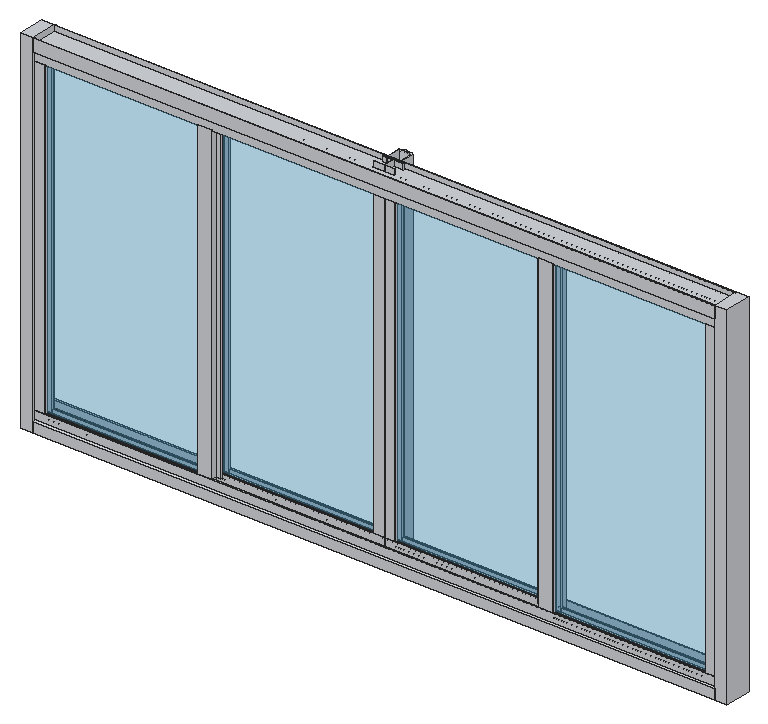
Revit family "MT-VMS_DB-SG_OXXO", category Windows, host Wall, Revit 2017 (continued)
Definition of nested family "VMS_DB-SG_OXXO_76mm"
  Definition of nested family "VMS_DB-SG_GLAZED PANEL"
    Definition of nested family "VMS_VM66_SILL DETAIL_FINE"
      Lines and regions (mm)
        model lines, in view "Ref. Level"
          curve 80: line (10.448, 2.1, 0) -> (11.648, 2.1, 0)
          curve 81: line (11.948, 2.4, 0) -> (11.948, 2.776, 0)
          curve 82: line (11.948, 2.776, 0) -> (14.948, 2.776, 0)
          curve 83: line (14.948, 2.776, 0) -> (14.948, 2.4, 0)
          curve 84: line (15.248, 2.1, 0) -> (16.448, 2.1, 0)
          curve 85: line (16.448, 2.1, 0) -> (16.448, 0.8, 0)
          curve 86: line (16.448, 0.8, 0) -> (15.348, 0.8, 0)
          curve 87: line (15.348, 0, 0) -> (19.208, 0, 0)
          curve 88: line (19.508, 0.3, 0) -> (19.508, 0.9, 0)
          curve 89: line (19.208, 1.2, 0) -> (17.808, 1.2, 0)
          curve 90: line (17.508, 1.5, 0) -> (17.508, 3, 0)
          curve 91: line (17.208, 3.3, 0) -> (16.724, 3.3, 0)
          curve 92: line (16.424, 3.6, 0) -> (16.424, 4.7, 0)
          curve 93: line (16.724, 5, 0) -> (23.3, 5, 0)
          curve 94: line (23.6, 4.7, 0) -> (23.6, 0.3, 0)
          curve 95: line (23.9, 0, 0) -> (26.4, 0, 0)
          curve 96: line (26.9, 0.5, 0) -> (26.9, 2.1, 0)
          curve 97: line (26.1, 2.1, 0) -> (26.1, 1.2, 0)
          curve 98: line (26.1, 1.2, 0) -> (24.8, 1.2, 0)
          curve 99: line (24.8, 1.2, 0) -> (24.8, 6.8, 0)
          curve 100: line (24.8, 6.8, 0) -> (26.1, 6.8, 0)
          curve 101: line (26.1, 6.8, 0) -> (26.1, 5.9, 0)
          curve 102: line (26.9, 5.9, 0) -> (26.9, 13.679, 0)
          curve 103: line (26.9, 25.735, 0) -> (26.9, 27.112, 0)
          curve 104: line (26.1, 27.912, 0) -> (24.161, 27.912, 0)
          curve 105: line (23.779, 27.632, 0) -> (23.477, 26.672, 0)
          curve 106: line (23.667, 26.412, 0) -> (24.011, 26.412, 0)
          curve 107: line (24.169, 26.09, 0) -> (23.509, 25.234, 0)
          curve 108: line (23.667, 24.912, 0) -> (24.011, 24.912, 0)
          curve 109: line (24.169, 24.59, 0) -> (23.509, 23.734, 0)
          curve 110: line (23.667, 23.412, 0) -> (24.011, 23.412, 0)
          curve 111: line (24.169, 23.09, 0) -> (23.509, 22.234, 0)
          curve 112: line (23.667, 21.912, 0) -> (23.924, 21.912, 0)
          curve 113: line (24.831, 13.912, 0) -> (14.116, 13.912, 0)
          curve 114: line (13.833, 13.795, 0) -> (13.45, 13.412, 0)
          curve 115: line (13.45, 13.412, 0) -> (13.067, 13.795, 0)
          curve 116: line (12.784, 13.912, 0) -> (2.069, 13.912, 0)
          curve 117: line (2.976, 21.912, 0) -> (3.233, 21.912, 0)
          curve 118: line (3.391, 22.234, 0) -> (2.731, 23.09, 0)
          curve 119: line (2.889, 23.412, 0) -> (3.233, 23.412, 0)
          curve 120: line (3.391, 23.734, 0) -> (2.731, 24.59, 0)
          curve 121: line (2.889, 24.912, 0) -> (3.233, 24.912, 0)
          curve 122: line (3.391, 25.234, 0) -> (2.731, 26.09, 0)
          curve 123: line (2.889, 26.412, 0) -> (3.233, 26.412, 0)
          curve 124: line (3.423, 26.672, 0) -> (3.121, 27.632, 0)
          curve 125: line (2.739, 27.912, 0) -> (0.8, 27.912, 0)
          curve 126: line (0, 27.112, 0) -> (0, 25.735, 0)
          curve 127: line (0, 13.679, 0) -> (0, 5.9, 0)
          curve 128: line (0.8, 5.9, 0) -> (0.8, 6.8, 0)
          curve 129: line (0.8, 6.8, 0) -> (2.1, 6.8, 0)
          curve 130: line (2.1, 6.8, 0) -> (2.1, 1.2, 0)
          curve 131: line (2.1, 1.2, 0) -> (0.8, 1.2, 0)
          curve 132: line (0.8, 1.2, 0) -> (0.8, 2.1, 0)
          curve 133: line (0, 2.1, 0) -> (0, 0.5, 0)
          curve 134: line (0.5, 0, 0) -> (3, 0, 0)
          curve 135: line (3.3, 0.3, 0) -> (3.3, 4.7, 0)
          curve 136: line (3.6, 5, 0) -> (10.176, 5, 0)
          curve 137: line (10.476, 4.7, 0) -> (10.476, 3.6, 0)
          curve 138: line (10.176, 3.3, 0) -> (9.692, 3.3, 0)
          curve 139: line (9.392, 3, 0) -> (9.392, 1.5, 0)
          curve 140: line (9.092, 1.2, 0) -> (7.692, 1.2, 0)
          curve 141: line (7.392, 0.9, 0) -> (7.392, 0.3, 0)
          curve 142: line (7.692, 0, 0) -> (11.548, 0, 0)
          curve 143: line (13.065, 4.124, 0) -> (12.513, 3.976, 0)
          curve 144: line (12.513, 3.976, 0) -> (12.365, 4.529, 0)
          curve 145: line (11.996, 5.14, 0) -> (11.576, 5.6, 0)
          curve 146: line (11.576, 5.6, 0) -> (11.996, 6.06, 0)
          curve 147: line (11.992, 7.426, 0) -> (11.154, 7.426, 0)
          curve 148: line (10.261, 6.2, 0) -> (3.6, 6.2, 0)
          curve 149: line (3.3, 6.5, 0) -> (3.3, 8, 0)
          curve 150: line (3.1, 8.2, 0) -> (1.4, 8.2, 0)
          curve 151: line (1.2, 8.4, 0) -> (1.2, 12.312, 0)
          curve 152: line (1.4, 12.512, 0) -> (25.5, 12.512, 0)
          curve 153: line (25.7, 12.312, 0) -> (25.7, 8.4, 0)
          curve 154: line (25.5, 8.2, 0) -> (23.8, 8.2, 0)
          curve 155: line (23.6, 8, 0) -> (23.6, 6.5, 0)
          curve 156: line (23.3, 6.2, 0) -> (16.639, 6.2, 0)
          curve 157: line (15.746, 7.426, 0) -> (14.908, 7.426, 0)
          curve 158: line (14.904, 6.06, 0) -> (15.324, 5.6, 0)
          curve 159: line (15.324, 5.6, 0) -> (14.904, 5.14, 0)
          curve 160: line (14.535, 4.529, 0) -> (14.387, 3.976, 0)
          curve 161: line (14.387, 3.976, 0) -> (13.835, 4.124, 0)
    Definition of nested family "VMS_VM66_SILL DETAIL_MEDIUM"
      Reference planes
        plane 1 "Center (Front/Back)": y = 0
        plane 2: z = 0
        plane 3 "Center (Left/Right)": x = 0
      Lines and regions (mm)
        model lines, in view "Ref. Level"
          curve 1: line (1.2, 5, 0) -> (25.7, 5, 0)
          curve 2: line (0, 0, 0) -> (26.9, 0, 0)
          curve 3: line (25.7, 1.2, 0) -> (1.2, 1.2, 0)
          curve 4: line (26.9, 0, 0) -> (26.9, 27.912, 0)
          curve 5: line (26.9, 27.912, 0) -> (25.7, 27.912, 0)
          curve 6: line (25.7, 13.912, 0) -> (1.2, 13.912, 0)
          curve 7: line (1.2, 27.912, 0) -> (0, 27.912, 0)
          curve 8: line (0, 27.112, 0) -> (0, 25.735, 0)
          curve 9: line (0, 27.912, 0) -> (0, 0, 0)
          curve 10: line (1.2, 1.2, 0) -> (1.2, 5, 0)
          curve 11: line (1.2, 12.512, 0) -> (25.7, 12.512, 0)
          curve 12: line (25.7, 27.912, 0) -> (25.7, 13.912, 0)
          curve 13: line (25.7, 6.2, 0) -> (1.2, 6.2, 0)
          curve 14: line (1.2, 13.912, 0) -> (1.2, 27.912, 0)
          curve 15: line (25.7, 12.512, 0) -> (25.7, 6.2, 0)
          curve 16: line (25.7, 5, 0) -> (25.7, 1.2, 0)
          curve 17: line (1.2, 6.2, 0) -> (1.2, 12.512, 0)
  Definition of nested family "VMS_VM11_SILL DETAIL_FINE"
    Reference planes
      plane 1 "Center (Front/Back)": y = 0
      plane 2: z = 0
      plane 3 "Center (Left/Right)": x = 0
    Lines and regions (mm)
      model lines, in view "Ref. Level"
        curve 1: arc (-6.776, -5.512, 0) -> (-6.841, -5.609, 0) -> (-6.864, -5.724, 0) r 0.3
        curve 2: arc (-5.466, -8.225, 0) -> (-5.192, -8.5, 0) -> (-4.817, -8.6, 0) r 0.75
        curve 3: arc (-4.817, -8.6, 0) -> (-4.167, -8.225, 0) -> (-4.167, -7.475, 0) r 0.75
        curve 4: arc (-4.864, -2.2, 0) -> (-4.571, -1.493, 0) -> (-3.864, -1.2, 0) r 1
        curve 5: arc (5.464, -1.2, 0) -> (6.171, -1.493, 0) -> (6.464, -2.2, 0) r 1
        curve 6: arc (5.767, -7.475, 0) -> (5.767, -8.225, 0) -> (6.417, -8.6, 0) r 0.75
        curve 7: arc (6.417, -8.6, 0) -> (6.792, -8.5, 0) -> (7.066, -8.225, 0) r 0.75
        curve 8: arc (8.464, -5.724, 0) -> (8.441, -5.609, 0) -> (8.376, -5.512, 0) r 0.3
        curve 9: arc (8.864, -2.1, 0) -> (8.951, -2.312, 0) -> (9.164, -2.4, 0) r 0.3
        curve 10: arc (9.55, -2.4, 0) -> (9.904, -2.254, 0) -> (10.05, -1.9, 0) r 0.5
        curve 11: arc (33.2, 0, 0) -> (33.412, 0.088, 0) -> (33.5, 0.3, 0) r 0.3
        curve 12: arc (33.5, 29.412, 0) -> (33.412, 29.624, 0) -> (33.2, 29.712, 0) r 0.3
        curve 13: arc (31.8, 29.712, 0) -> (31.588, 29.624, 0) -> (31.5, 29.412, 0) r 0.3
        curve 14: arc (31.5, 2.1, 0) -> (31.412, 1.888, 0) -> (31.2, 1.8, 0) r 0.3
        curve 15: arc (8.85, 1.8, 0) -> (8.638, 1.712, 0) -> (8.55, 1.5, 0) r 0.3
        curve 16: arc (8.55, 0.3, 0) -> (8.462, 0.088, 0) -> (8.25, 0, 0) r 0.3
        curve 17: arc (1.9, 0, 0) -> (1.688, 0.088, 0) -> (1.6, 0.3, 0) r 0.3
        curve 18: arc (1.6, 29.412, 0) -> (1.512, 29.624, 0) -> (1.3, 29.712, 0) r 0.3
        curve 19: arc (0.3, 29.712, 0) -> (0.088, 29.624, 0) -> (0, 29.412, 0) r 0.3
        curve 20: arc (0, 0.3, 0) -> (-0.088, 0.088, 0) -> (-0.3, 0, 0) r 0.3
        curve 21: arc (-8.15, 0, 0) -> (-8.362, -0.088, 0) -> (-8.45, -0.3, 0) r 0.3
        curve 22: arc (-8.45, -1.9, 0) -> (-8.304, -2.254, 0) -> (-7.95, -2.4, 0) r 0.5
        curve 23: arc (-7.564, -2.4, 0) -> (-7.351, -2.312, 0) -> (-7.264, -2.1, 0) r 0.3
        curve 24: line (-7.264, -2.1, 0) -> (-7.264, -1.5, 0)
        curve 25: line (-7.264, -1.5, 0) -> (-6.364, -1.5, 0)
        curve 26: line (-6.364, -1.5, 0) -> (-6.364, -5.1, 0)
        curve 27: line (-6.364, -5.1, 0) -> (-6.776, -5.512, 0)
        curve 28: line (-6.823, -5.874, 0) -> (-5.466, -8.225, 0)
        curve 29: line (-4.167, -7.475, 0) -> (-4.864, -6.269, 0)
        curve 30: line (-4.864, -6.269, 0) -> (-4.864, -2.2, 0)
        curve 31: line (-3.864, -1.2, 0) -> (5.464, -1.2, 0)
        curve 32: line (6.464, -2.2, 0) -> (6.464, -6.269, 0)
        curve 33: line (6.464, -6.269, 0) -> (5.767, -7.475, 0)
        curve 34: line (7.066, -8.225, 0) -> (8.423, -5.874, 0)
        curve 35: line (8.376, -5.512, 0) -> (7.964, -5.1, 0)
        curve 36: line (7.964, -5.1, 0) -> (7.964, -1.2, 0)
        curve 37: line (7.964, -1.2, 0) -> (8.864, -1.2, 0)
        curve 38: line (8.864, -1.2, 0) -> (8.864, -2.1, 0)
        curve 39: line (9.164, -2.4, 0) -> (9.55, -2.4, 0)
        curve 40: line (10.05, -1.9, 0) -> (10.05, 0, 0)
        curve 41: line (10.05, 0, 0) -> (33.2, 0, 0)
        curve 42: line (33.5, 0.3, 0) -> (33.5, 29.412, 0)
        curve 43: line (33.2, 29.712, 0) -> (31.8, 29.712, 0)
        curve 44: line (31.5, 29.412, 0) -> (31.5, 2.1, 0)
        curve 45: line (31.2, 1.8, 0) -> (8.85, 1.8, 0)
        curve 46: line (8.55, 1.5, 0) -> (8.55, 0.3, 0)
        curve 47: line (8.25, 0, 0) -> (1.9, 0, 0)
        curve 48: line (1.6, 0.3, 0) -> (1.6, 29.412, 0)
        curve 49: line (1.3, 29.712, 0) -> (0.3, 29.712, 0)
        curve 50: line (0, 29.412, 0) -> (0, 0.3, 0)
        curve 51: line (-0.3, 0, 0) -> (-8.15, 0, 0)
        curve 52: line (-8.45, -0.3, 0) -> (-8.45, -1.9, 0)
        curve 53: line (-7.95, -2.4, 0) -> (-7.564, -2.4, 0)
  Definition of nested family "MAIN FRAME 76MM_MEDIUM"
    Reference planes
      plane 1 "Center (Front/Back)": y = 0
      plane 2: z = 0
      plane 3 "Center (Left/Right)": x = 0
    Lines and regions (mm)
      detail lines, in view "Ref. Level"
        curve 1: line (0, 0, 0) -> (35, 0, 0)
        curve 2: line (35, 0, 0) -> (35, -76, 0)
        curve 3: line (35, -76, 0) -> (0, -76, 0)
        curve 4: line (0, 0, 0) -> (0, -1.8, 0)
        curve 5: line (0, -1.8, 0) -> (33.2, -1.8, 0)
        curve 6: line (33.2, -74.2, 0) -> (33.2, -1.8, 0)
        curve 7: line (0, -74.2, 0) -> (33.2, -74.2, 0)
        curve 8: line (0, -74.2, 0) -> (0, -76, 0)
  Definition of nested family "AS1C CAVITY MAIN FRAME"
    Reference planes
      plane 1 "Center (Front/Back)": y = 0
      plane 2: z = 0
      plane 3 "Center (Left/Right)": x = 0
    Lines and regions (mm)
      detail lines, in view "Ref. Level"
        curve 1: arc (-35, -73.2, 0) -> (-34.922, -73.041, 0) -> (-34.748, -73.007, 0) r 0.2
        curve 2: arc (-33.3, -70.8, 0) -> (-32.55, -70.05, 0) -> (-31.8, -70.8, 0) r 0.75
        curve 3: arc (-1.5, -66.578, 0) -> (-1.654, -66.316, 0) -> (-1.957, -66.322, 0) r 0.3
        curve 4: arc (-1.957, -66.322, 0) -> (-4.423, -66.877, 0) -> (-6.71, -65.804, 0) r 3.9
        curve 5: arc (-6.71, -65.804, 0) -> (-6.731, -64.567, 0) -> (-5.494, -64.546, 0) r 0.875
        curve 6: arc (-5.494, -64.546, 0) -> (-3.836, -65.144, 0) -> (-2.288, -64.3, 0) r 2.15
        curve 7: arc (-2.288, -61.7, 0) -> (-3.836, -60.856, 0) -> (-5.494, -61.454, 0) r 2.15
        curve 8: arc (-5.494, -61.454, 0) -> (-6.731, -61.433, 0) -> (-6.71, -60.196, 0) r 0.875
        curve 9: arc (-6.71, -60.196, 0) -> (-4.423, -59.123, 0) -> (-1.957, -59.678, 0) r 3.9
        curve 10: arc (-1.957, -59.678, 0) -> (-1.654, -59.684, 0) -> (-1.5, -59.422, 0) r 0.3
        curve 11: arc (-1.5, -53.73, 0) -> (-1.851, -52.695, 0) -> (-2.76, -52.088, 0) r 1.7
        curve 12: arc (-18.84, -47.78, 0) -> (-19.749, -47.172, 0) -> (-20.1, -46.138, 0) r 1.7
        curve 13: arc (-20.1, -29.862, 0) -> (-19.749, -28.827, 0) -> (-18.84, -28.22, 0) r 1.7
        curve 14: arc (-2.76, -23.912, 0) -> (-1.851, -23.304, 0) -> (-1.5, -22.27, 0) r 1.7
        curve 15: arc (-1.5, -16.578, 0) -> (-1.654, -16.316, 0) -> (-1.957, -16.322, 0) r 0.3
        curve 16: arc (-1.957, -16.322, 0) -> (-4.423, -16.877, 0) -> (-6.71, -15.804, 0) r 3.9
        curve 17: arc (-6.71, -15.804, 0) -> (-6.731, -14.567, 0) -> (-5.494, -14.546, 0) r 0.875
        curve 18: arc (-5.494, -14.546, 0) -> (-3.836, -15.144, 0) -> (-2.288, -14.3, 0) r 2.15
        curve 19: arc (-2.288, -11.7, 0) -> (-3.836, -10.856, 0) -> (-5.494, -11.454, 0) r 2.15
        curve 20: arc (-5.494, -11.454, 0) -> (-6.731, -11.433, 0) -> (-6.71, -10.196, 0) r 0.875
        curve 21: arc (-6.71, -10.196, 0) -> (-4.423, -9.123, 0) -> (-1.957, -9.678, 0) r 3.9
        curve 22: arc (-1.957, -9.678, 0) -> (-1.654, -9.684, 0) -> (-1.5, -9.422, 0) r 0.3
        curve 23: arc (-31.8, -5.2, 0) -> (-32.55, -5.95, 0) -> (-33.3, -5.2, 0) r 0.75
        curve 24: arc (-34.748, -2.993, 0) -> (-34.922, -2.959, 0) -> (-35, -2.8, 0) r 0.2
        curve 25: arc (-35, -0.4, 0) -> (-34.883, -0.117, 0) -> (-34.6, 0, 0) r 0.4
        curve 26: arc (-0.4, 0, 0) -> (-0.117, -0.117, 0) -> (0, -0.4, 0) r 0.4
        curve 27: arc (0, -28.2, 0) -> (-0.117, -28.483, 0) -> (-0.4, -28.6, 0) r 0.4
        curve 28: arc (-2.4, -29.868, 0) -> (-2.483, -30.111, 0) -> (-2.696, -30.254, 0) r 0.4
        curve 29: arc (-4.496, -30.736, 0) -> (-4.895, -30.62, 0) -> (-4.976, -30.213, 0) r 0.4
        curve 30: arc (-3.605, -26.446, 0) -> (-3.686, -26.039, 0) -> (-4.084, -25.923, 0) r 0.4
        curve 31: arc (-10.184, -27.557, 0) -> (-10.372, -27.709, 0) -> (-10.388, -27.95, 0) r 0.3
        curve 32: arc (-9.417, -30.619, 0) -> (-9.417, -30.755, 0) -> (-9.504, -30.86, 0) r 0.2
        curve 33: arc (-9.7, -30.973, 0) -> (-9.9, -30.973, 0) -> (-10, -30.8, 0) r 0.2
        curve 34: arc (-10, -30.747, 0) -> (-10.059, -30.606, 0) -> (-10.2, -30.547, 0) r 0.2
        curve 35: arc (-11.438, -30.547, 0) -> (-11.528, -30.526, 0) -> (-11.599, -30.466, 0) r 0.2
        curve 36: arc (-11.599, -30.466, 0) -> (-11.806, -30.087, 0) -> (-11.9, -29.664, 0) r 1.549
        curve 37: arc (-11.9, -28.408, 0) -> (-12.017, -28.17, 0) -> (-12.278, -28.118, 0) r 0.3
        curve 38: arc (-12.278, -47.882, 0) -> (-12.017, -47.83, 0) -> (-11.9, -47.592, 0) r 0.3
        curve 39: arc (-11.9, -46.336, 0) -> (-11.806, -45.913, 0) -> (-11.599, -45.533, 0) r 1.549
        curve 40: arc (-11.599, -45.533, 0) -> (-11.528, -45.474, 0) -> (-11.438, -45.453, 0) r 0.2
        curve 41: arc (-10.2, -45.453, 0) -> (-10.059, -45.394, 0) -> (-10, -45.253, 0) r 0.2
        curve 42: arc (-10, -45.2, 0) -> (-9.9, -45.027, 0) -> (-9.7, -45.027, 0) r 0.2
        curve 43: arc (-9.504, -45.14, 0) -> (-9.417, -45.244, 0) -> (-9.417, -45.381, 0) r 0.2
        curve 44: arc (-10.388, -48.05, 0) -> (-10.372, -48.291, 0) -> (-10.184, -48.443, 0) r 0.3
        curve 45: arc (-4.084, -50.077, 0) -> (-3.686, -49.961, 0) -> (-3.605, -49.554, 0) r 0.4
        curve 46: arc (-4.976, -45.787, 0) -> (-4.895, -45.38, 0) -> (-4.496, -45.264, 0) r 0.4
        curve 47: arc (-2.696, -45.746, 0) -> (-2.483, -45.889, 0) -> (-2.4, -46.132, 0) r 0.4
        curve 48: arc (-0.4, -47.4, 0) -> (-0.117, -47.517, 0) -> (0, -47.8, 0) r 0.4
        curve 49: arc (0, -75.6, 0) -> (-0.117, -75.883, 0) -> (-0.4, -76, 0) r 0.4
        curve 50: arc (-34.6, -76, 0) -> (-34.883, -75.883, 0) -> (-35, -75.6, 0) r 0.4
        curve 51: line (-34.748, -73.007, 0) -> (-33.3, -73.395, 0)
        curve 52: line (-33.3, -73.395, 0) -> (-33.3, -70.8, 0)
        curve 53: line (-31.8, -70.8, 0) -> (-31.8, -74.5, 0)
        curve 54: line (-31.8, -74.5, 0) -> (-1.5, -74.5, 0)
        curve 55: line (-1.5, -74.5, 0) -> (-1.5, -66.578, 0)
        curve 56: line (-2.288, -64.3, 0) -> (-1.5, -64.3, 0)
        curve 57: line (-1.5, -64.3, 0) -> (-1.5, -63, 0)
        curve 58: line (-1.5, -63, 0) -> (-1.5, -61.7, 0)
        curve 59: line (-1.5, -61.7, 0) -> (-2.288, -61.7, 0)
        curve 60: line (-1.5, -59.422, 0) -> (-1.5, -53.73, 0)
        curve 61: line (-2.76, -52.088, 0) -> (-18.84, -47.78, 0)
        curve 62: line (-20.1, -46.138, 0) -> (-20.1, -29.862, 0)
        curve 63: line (-18.84, -28.22, 0) -> (-2.76, -23.912, 0)
        curve 64: line (-1.5, -22.27, 0) -> (-1.5, -16.578, 0)
        curve 65: line (-2.288, -14.3, 0) -> (-1.5, -14.3, 0)
        curve 66: line (-1.5, -14.3, 0) -> (-1.5, -13, 0)
        curve 67: line (-1.5, -13, 0) -> (-1.5, -11.7, 0)
        curve 68: line (-1.5, -11.7, 0) -> (-2.288, -11.7, 0)
        curve 69: line (-1.5, -9.422, 0) -> (-1.5, -1.5, 0)
        curve 70: line (-1.5, -1.5, 0) -> (-31.8, -1.5, 0)
        curve 71: line (-31.8, -1.5, 0) -> (-31.8, -5.2, 0)
        curve 72: line (-33.3, -5.2, 0) -> (-33.3, -2.605, 0)
        curve 73: line (-33.3, -2.605, 0) -> (-34.748, -2.993, 0)
        curve 74: line (-35, -2.8, 0) -> (-35, -0.4, 0)
        curve 75: line (-34.6, 0, 0) -> (-0.4, 0, 0)
        curve 76: line (0, -0.4, 0) -> (0, -28.2, 0)
        curve 77: line (-0.4, -28.6, 0) -> (-2.4, -28.6, 0)
        curve 78: line (-2.4, -28.6, 0) -> (-2.4, -29.868, 0)
        curve 79: line (-2.696, -30.254, 0) -> (-4.496, -30.736, 0)
        curve 80: line (-4.976, -30.213, 0) -> (-3.605, -26.446, 0)
        curve 81: line (-4.084, -25.923, 0) -> (-10.184, -27.557, 0)
        curve 82: line (-10.388, -27.95, 0) -> (-9.417, -30.619, 0)
        curve 83: line (-9.504, -30.86, 0) -> (-9.7, -30.973, 0)
        curve 84: line (-10.2, -30.547, 0) -> (-11.438, -30.547, 0)
        curve 85: line (-11.9, -29.664, 0) -> (-11.9, -28.408, 0)
        curve 86: line (-12.278, -28.118, 0) -> (-18.5, -29.786, 0)
        curve 87: line (-18.5, -29.786, 0) -> (-18.5, -46.214, 0)
        curve 88: line (-18.5, -46.214, 0) -> (-12.278, -47.882, 0)
        curve 89: line (-11.9, -47.592, 0) -> (-11.9, -46.336, 0)
        curve 90: line (-11.438, -45.453, 0) -> (-10.2, -45.453, 0)
        curve 91: line (-9.7, -45.027, 0) -> (-9.504, -45.14, 0)
        curve 92: line (-9.417, -45.381, 0) -> (-10.388, -48.05, 0)
        curve 93: line (-10.184, -48.443, 0) -> (-4.084, -50.077, 0)
        curve 94: line (-3.605, -49.554, 0) -> (-4.976, -45.787, 0)
        curve 95: line (-4.496, -45.264, 0) -> (-2.696, -45.746, 0)
        curve 96: line (-2.4, -46.132, 0) -> (-2.4, -47.4, 0)
        curve 97: line (-2.4, -47.4, 0) -> (-0.4, -47.4, 0)
        curve 98: line (0, -47.8, 0) -> (0, -75.6, 0)
        curve 99: line (-0.4, -76, 0) -> (-34.6, -76, 0)
        curve 100: line (-35, -75.6, 0) -> (-35, -73.2, 0)
  Definition of nested family "VMS_VM8_HEAD DETAIL_MEDIUM"
    Reference planes
      plane 1 "Center (Front/Back)": y = 0
      plane 2: z = 0
      plane 3 "Center (Left/Right)": x = 0
    Lines and regions (mm)
      detail lines, in view "Ref. Level"
        curve 1: line (0, 0, 0) -> (0, -35, 0)
        curve 2: line (1.5, -14.5, 0) -> (74.5, -14.5, 0)
        curve 3: line (74.5, -14.5, 0) -> (74.5, 0, 0)
        curve 4: line (0, 0, 0) -> (1.5, 0, 0)
        curve 5: line (76, 0, 0) -> (76, -35, 0)
        curve 6: line (76, -35, 0) -> (70.5, -35, 0)
        curve 7: line (70.5, -35, 0) -> (70.5, -59, 0)
        curve 8: line (68.7, -59, 0) -> (68.7, -33.2, 0)
        curve 9: line (68.7, -33.2, 0) -> (74.2, -33.2, 0)
        curve 10: line (74.2, -33.2, 0) -> (74.2, -16.1, 0)
        curve 11: line (74.2, -16.1, 0) -> (38.8, -16.1, 0)
        curve 12: line (38.8, -16.1, 0) -> (38.8, -59, 0)
        curve 13: line (70.5, -59, 0) -> (68.7, -59, 0)
        curve 14: line (37.2, -59, 0) -> (37.2, -16.1, 0)
        curve 15: line (1.8, -16.1, 0) -> (1.8, -33.2, 0)
        curve 16: line (1.8, -33.2, 0) -> (7.3, -33.2, 0)
        curve 17: line (7.3, -33.2, 0) -> (7.3, -59, 0)
        curve 18: line (7.3, -59, 0) -> (5.5, -59, 0)
        curve 19: line (5.5, -59, 0) -> (5.5, -35, 0)
        curve 20: line (5.5, -35, 0) -> (0, -35, 0)
        curve 21: line (1.5, 0, 0) -> (1.5, -14.5, 0)
        curve 22: line (74.5, 0, 0) -> (76, 0, 0)
        curve 23: line (38.8, -59, 0) -> (37.2, -59, 0)
        curve 24: line (37.2, -16.1, 0) -> (1.8, -16.1, 0)
  Definition of nested family "VMS_VM8_HEAD DETAIL_FINE"
    Reference planes
      plane 1 "Center (Front/Back)": y = 0
      plane 2: z = 0
      plane 3 "Center (Left/Right)": x = 0
    Lines and regions (mm)
      model lines, in view "Ref. Level"
        curve 1: arc (9.146, -8.957, 0) -> (9.504, -8.091, 0) -> (10.37, -7.732, 0) r 1.224
        curve 2: arc (10.877, -7.732, 0) -> (11.54, -8.402, 0) -> (11.326, -9.319, 0) r 0.974
        curve 3: arc (11.326, -9.319, 0) -> (11.131, -9.63, 0) -> (10.993, -9.97, 0) r 2.1
        curve 4: arc (10.993, -11.204, 0) -> (11.181, -11.637, 0) -> (11.462, -12.017, 0) r 2.1
        curve 5: arc (12.531, -12.634, 0) -> (13, -12.687, 0) -> (13.469, -12.634, 0) r 2.1
        curve 6: arc (14.538, -12.017, 0) -> (14.819, -11.637, 0) -> (15.007, -11.204, 0) r 2.1
        curve 7: arc (15.007, -9.97, 0) -> (14.869, -9.63, 0) -> (14.674, -9.319, 0) r 2.1
        curve 8: arc (14.674, -9.319, 0) -> (14.46, -8.402, 0) -> (15.123, -7.732, 0) r 0.974
        curve 9: arc (15.63, -7.732, 0) -> (16.496, -8.091, 0) -> (16.854, -8.957, 0) r 1.224
        curve 10: arc (16.854, -11.635, 0) -> (16.306, -12.829, 0) -> (15.399, -13.78, 0) r 3.994
        curve 11: arc (15.399, -13.78, 0) -> (15.26, -14.227, 0) -> (15.64, -14.5, 0) r 0.4
        curve 12: arc (60.746, -14.5, 0) -> (61.007, -14.348, 0) -> (61.003, -14.046, 0) r 0.3
        curve 13: arc (61.003, -14.046, 0) -> (59.836, -13.025, 0) -> (59.146, -11.635, 0) r 3.994
        curve 14: arc (59.146, -8.957, 0) -> (59.504, -8.091, 0) -> (60.37, -7.732, 0) r 1.224
        curve 15: arc (60.868, -7.732, 0) -> (61.514, -8.349, 0) -> (61.394, -9.234, 0) r 0.982
        curve 16: arc (61.394, -9.234, 0) -> (61.156, -9.581, 0) -> (60.993, -9.97, 0) r 2.1
        curve 17: arc (60.993, -11.204, 0) -> (61.181, -11.637, 0) -> (61.462, -12.017, 0) r 2.1
        curve 18: arc (62.531, -12.634, 0) -> (63, -12.687, 0) -> (63.469, -12.634, 0) r 2.1
        curve 19: arc (64.538, -12.017, 0) -> (64.819, -11.637, 0) -> (65.007, -11.204, 0) r 2.1
        curve 20: arc (65.007, -9.97, 0) -> (64.843, -9.58, 0) -> (64.603, -9.23, 0) r 2.1
        curve 21: arc (64.603, -9.23, 0) -> (64.477, -8.348, 0) -> (65.123, -7.732, 0) r 0.974
        curve 22: arc (65.63, -7.732, 0) -> (66.496, -8.091, 0) -> (66.854, -8.957, 0) r 1.224
        curve 23: arc (66.854, -11.635, 0) -> (66.306, -12.829, 0) -> (65.399, -13.78, 0) r 3.994
        curve 24: arc (65.399, -13.78, 0) -> (65.26, -14.227, 0) -> (65.64, -14.5, 0) r 0.4
        curve 25: arc (70.8, -3.2, 0) -> (70.05, -2.45, 0) -> (70.8, -1.7, 0) r 0.75
        curve 26: arc (73.007, -0.252, 0) -> (73.041, -0.078, 0) -> (73.2, 0, 0) r 0.2
        curve 27: arc (75.6, 0, 0) -> (75.883, -0.117, 0) -> (76, -0.4, 0) r 0.4
        curve 28: arc (76, -34.7, 0) -> (75.912, -34.912, 0) -> (75.7, -35, 0) r 0.3
        curve 29: arc (70.8, -35, 0) -> (70.588, -35.088, 0) -> (70.5, -35.3, 0) r 0.3
        curve 30: arc (70.5, -58.7, 0) -> (70.412, -58.912, 0) -> (70.2, -59, 0) r 0.3
        curve 31: arc (69, -59, 0) -> (68.788, -58.912, 0) -> (68.7, -58.7, 0) r 0.3
        curve 32: arc (68.7, -33.5, 0) -> (68.788, -33.288, 0) -> (69, -33.2, 0) r 0.3
        curve 33: arc (73.9, -33.2, 0) -> (74.112, -33.112, 0) -> (74.2, -32.9, 0) r 0.3
        curve 34: arc (74.2, -17.1, 0) -> (73.907, -16.393, 0) -> (73.2, -16.1, 0) r 1
        curve 35: arc (39.8, -16.1, 0) -> (39.093, -16.393, 0) -> (38.8, -17.1, 0) r 1
        curve 36: arc (38.8, -58.7, 0) -> (38.712, -58.912, 0) -> (38.5, -59, 0) r 0.3
        curve 37: arc (37.5, -59, 0) -> (37.288, -58.912, 0) -> (37.2, -58.7, 0) r 0.3
        curve 38: arc (37.2, -17.1, 0) -> (36.907, -16.393, 0) -> (36.2, -16.1, 0) r 1
        curve 39: arc (2.8, -16.1, 0) -> (2.093, -16.393, 0) -> (1.8, -17.1, 0) r 1
        curve 40: arc (1.8, -32.9, 0) -> (1.888, -33.112, 0) -> (2.1, -33.2, 0) r 0.3
        curve 41: arc (7, -33.2, 0) -> (7.212, -33.288, 0) -> (7.3, -33.5, 0) r 0.3
        curve 42: arc (7.3, -58.7, 0) -> (7.212, -58.912, 0) -> (7, -59, 0) r 0.3
        curve 43: arc (5.8, -59, 0) -> (5.588, -58.912, 0) -> (5.5, -58.7, 0) r 0.3
        curve 44: arc (5.5, -35.3, 0) -> (5.412, -35.088, 0) -> (5.2, -35, 0) r 0.3
        curve 45: arc (0.3, -35, 0) -> (0.088, -34.912, 0) -> (0, -34.7, 0) r 0.3
        curve 46: arc (0, -0.4, 0) -> (0.117, -0.117, 0) -> (0.4, 0, 0) r 0.4
        curve 47: arc (2.8, 0, 0) -> (2.959, -0.078, 0) -> (2.993, -0.252, 0) r 0.2
        curve 48: arc (5.2, -1.7, 0) -> (5.95, -2.45, 0) -> (5.2, -3.2, 0) r 0.75
        curve 49: line (9.146, -11.635, 0) -> (9.146, -8.957, 0)
        curve 50: line (10.37, -7.732, 0) -> (10.877, -7.732, 0)
        curve 51: line (10.993, -9.97, 0) -> (10.376, -10.587, 0)
        curve 52: line (10.376, -10.587, 0) -> (10.993, -11.204, 0)
        curve 53: line (11.462, -12.017, 0) -> (11.688, -12.859, 0)
        curve 54: line (11.688, -12.859, 0) -> (12.531, -12.634, 0)
        curve 55: line (13.469, -12.634, 0) -> (14.312, -12.859, 0)
        curve 56: line (14.312, -12.859, 0) -> (14.538, -12.017, 0)
        curve 57: line (15.007, -11.204, 0) -> (15.624, -10.587, 0)
        curve 58: line (15.624, -10.587, 0) -> (15.007, -9.97, 0)
        curve 59: line (15.123, -7.732, 0) -> (15.63, -7.732, 0)
        curve 60: line (16.854, -8.957, 0) -> (16.854, -11.635, 0)
        curve 61: line (15.64, -14.5, 0) -> (60.746, -14.5, 0)
        curve 62: line (59.146, -11.635, 0) -> (59.146, -8.957, 0)
        curve 63: line (60.37, -7.732, 0) -> (60.868, -7.732, 0)
        curve 64: line (60.993, -9.97, 0) -> (60.376, -10.587, 0)
        curve 65: line (60.376, -10.587, 0) -> (60.993, -11.204, 0)
        curve 66: line (61.462, -12.017, 0) -> (61.688, -12.859, 0)
        curve 67: line (61.688, -12.859, 0) -> (62.531, -12.634, 0)
        curve 68: line (63.469, -12.634, 0) -> (64.312, -12.859, 0)
        curve 69: line (64.312, -12.859, 0) -> (64.538, -12.017, 0)
        curve 70: line (65.007, -11.204, 0) -> (65.624, -10.587, 0)
        curve 71: line (65.624, -10.587, 0) -> (65.007, -9.97, 0)
        curve 72: line (65.123, -7.732, 0) -> (65.63, -7.732, 0)
        curve 73: line (66.854, -8.957, 0) -> (66.854, -11.635, 0)
        curve 74: line (65.64, -14.5, 0) -> (74.5, -14.5, 0)
        curve 75: line (74.5, -14.5, 0) -> (74.5, -3.2, 0)
        curve 76: line (74.5, -3.2, 0) -> (70.8, -3.2, 0)
        curve 77: line (70.8, -1.7, 0) -> (73.395, -1.7, 0)
        curve 78: line (73.395, -1.7, 0) -> (73.007, -0.252, 0)
        curve 79: line (73.2, 0, 0) -> (75.6, 0, 0)
        curve 80: line (76, -0.4, 0) -> (76, -34.7, 0)
        curve 81: line (75.7, -35, 0) -> (70.8, -35, 0)
        curve 82: line (70.5, -35.3, 0) -> (70.5, -58.7, 0)
        curve 83: line (70.2, -59, 0) -> (69, -59, 0)
        curve 84: line (68.7, -58.7, 0) -> (68.7, -33.5, 0)
        curve 85: line (69, -33.2, 0) -> (73.9, -33.2, 0)
        curve 86: line (74.2, -32.9, 0) -> (74.2, -17.1, 0)
        curve 87: line (73.2, -16.1, 0) -> (39.8, -16.1, 0)
        curve 88: line (38.8, -17.1, 0) -> (38.8, -58.7, 0)
        curve 89: line (38.5, -59, 0) -> (37.5, -59, 0)
        curve 90: line (37.2, -58.7, 0) -> (37.2, -17.1, 0)
        curve 91: line (36.2, -16.1, 0) -> (2.8, -16.1, 0)
        curve 92: line (1.8, -17.1, 0) -> (1.8, -32.9, 0)
        curve 93: line (2.1, -33.2, 0) -> (7, -33.2, 0)
        curve 94: line (7.3, -33.5, 0) -> (7.3, -58.7, 0)
        curve 95: line (7, -59, 0) -> (5.8, -59, 0)
        curve 96: line (5.5, -58.7, 0) -> (5.5, -35.3, 0)
        curve 97: line (5.2, -35, 0) -> (0.3, -35, 0)
        curve 98: line (0, -34.7, 0) -> (0, -0.4, 0)
        curve 99: line (0.4, 0, 0) -> (2.8, 0, 0)
        curve 100: line (2.993, -0.252, 0) -> (2.605, -1.7, 0)
        curve 101: line (2.605, -1.7, 0) -> (5.2, -1.7, 0)
        curve 102: line (5.2, -3.2, 0) -> (1.5, -3.2, 0)
        curve 103: line (1.5, -3.2, 0) -> (1.5, -14.5, 0)
        curve 104: line (1.5, -14.5, 0) -> (10.36, -14.5, 0)
        curve 105: arc (10.36, -14.5, 0) -> (10.74, -14.227, 0) -> (10.601, -13.78, 0) r 0.4
        curve 106: arc (10.601, -13.78, 0) -> (9.694, -12.829, 0) -> (9.146, -11.635, 0) r 3.994
  Definition of nested family "VMS_VM10_BOT DETAIL_MEDIUM"
    Reference planes
      plane 1 "Center (Front/Back)": y = 0
      plane 2: z = 0
      plane 3 "Center (Left/Right)": x = 0
    Lines and regions (mm)
      detail lines, in view "Ref. Level"
        curve 1: line (70.183, 29.678, 0) -> (74.4, 26.464, 0)
        curve 2: line (74.4, 26.464, 0) -> (74.4, 19.696, 0)
        curve 3: line (74.4, 19.696, 0) -> (36.6, 19.696, 0)
        curve 4: line (36.6, 19.696, 0) -> (36.6, 15.948, 0)
        curve 5: line (36.6, 15.948, 0) -> (1.5, 15.948, 0)
        curve 6: line (1.5, 26.54, 0) -> (5.689, 29.678, 0)
        curve 7: line (5.689, 29.678, 0) -> (70.183, 29.678, 0)
        curve 8: line (1.5, 14.448, 0) -> (38, 14.448, 0)
        curve 9: line (38, 14.448, 0) -> (38, 18.196, 0)
        curve 10: line (38, 18.196, 0) -> (74.4, 18.196, 0)
        curve 11: line (76, 0, 0) -> (76, 27.256, 0)
        curve 12: line (76, 27.256, 0) -> (70.723, 31.278, 0)
        curve 13: line (70.723, 31.278, 0) -> (70.723, 56.143, 0)
        curve 14: line (70.723, 56.143, 0) -> (68.723, 56.143, 0)
        curve 15: line (68.723, 56.143, 0) -> (68.723, 31.278, 0)
        curve 16: line (68.723, 31.278, 0) -> (38.823, 31.278, 0)
        curve 17: line (38.823, 31.278, 0) -> (38.823, 56.143, 0)
        curve 18: line (38.823, 56.143, 0) -> (37.223, 56.143, 0)
        curve 19: line (37.223, 56.143, 0) -> (37.223, 31.278, 0)
        curve 20: line (37.223, 31.278, 0) -> (7.323, 31.278, 0)
        curve 21: line (7.323, 31.278, 0) -> (7.323, 56.143, 0)
        curve 22: line (7.323, 56.143, 0) -> (5.323, 56.143, 0)
        curve 23: line (5.323, 56.143, 0) -> (5.323, 31.278, 0)
        curve 24: line (5.323, 31.278, 0) -> (0, 27.291, 0)
        curve 25: line (0, 27.291, 0) -> (0, 0, 0)
        curve 26: line (0, 0, 0) -> (1.5, 0, 0)
        curve 27: line (1.5, 0, 0) -> (1.5, 14.448, 0)
        curve 28: line (1.5, 15.948, 0) -> (1.5, 26.54, 0)
        curve 29: line (76, 0, 0) -> (74.4, 0, 0)
        curve 30: line (74.4, 18.196, 0) -> (74.4, 0, 0)
  Definition of nested family "VMS_VM10_BOT DETAIL_FINE"
    Reference planes
      plane 1 "Center (Front/Back)": y = 0
      plane 2: z = 0
      plane 3 "Center (Left/Right)": x = 0
    Lines and regions (mm)
      model lines, in view "Ref. Level"
        curve 1: arc (69.913, 29.678, 0) -> (70.169, 29.636, 0) -> (70.398, 29.515, 0) r 0.8
        curve 2: arc (74.243, 26.584, 0) -> (74.359, 26.443, 0) -> (74.4, 26.265, 0) r 0.4
        curve 3: arc (74.4, 19.995, 0) -> (74.312, 19.784, 0) -> (74.1, 19.696, 0) r 0.3
        curve 4: arc (36.461, 19.709, 0) -> (36.168, 19.595, 0) -> (36.048, 19.303, 0) r 0.4
        curve 5: arc (36.048, 19.303, 0) -> (36.163, 19.016, 0) -> (36.448, 18.896, 0) r 0.4
        curve 6: arc (36.6, 16.448, 0) -> (36.454, 16.095, 0) -> (36.1, 15.948, 0) r 0.5
        curve 7: arc (5.763, 22.386, 0) -> (5.704, 22.528, 0) -> (5.563, 22.586, 0) r 0.2
        curve 8: arc (5.554, 22.586, 0) -> (5.413, 22.645, 0) -> (5.354, 22.786, 0) r 0.2
        curve 9: arc (5.354, 25.256, 0) -> (4.768, 26.67, 0) -> (3.354, 27.256, 0) r 2
        curve 10: arc (3.056, 27.256, 0) -> (2.867, 27.393, 0) -> (2.937, 27.616, 0) r 0.2
        curve 11: arc (5.476, 29.519, 0) -> (5.703, 29.637, 0) -> (5.956, 29.678, 0) r 0.8
        curve 12: arc (19.373, 29.678, 0) -> (19.727, 29.825, 0) -> (19.873, 30.178, 0) r 0.5
        curve 13: arc (19.873, 31.416, 0) -> (19.961, 31.628, 0) -> (20.173, 31.716, 0) r 0.3
        curve 14: arc (24.373, 31.716, 0) -> (24.586, 31.628, 0) -> (24.673, 31.416, 0) r 0.3
        curve 15: arc (24.673, 30.178, 0) -> (24.82, 29.825, 0) -> (25.173, 29.678, 0) r 0.5
        curve 16: arc (32.5, 29.678, 0) -> (32.712, 29.591, 0) -> (32.8, 29.378, 0) r 0.3
        curve 17: arc (32.8, 26.678, 0) -> (33.093, 25.971, 0) -> (33.8, 25.678, 0) r 1
        curve 18: arc (34, 25.678, 0) -> (34.566, 25.913, 0) -> (34.8, 26.478, 0) r 0.8
        curve 19: arc (34.8, 27.36, 0) -> (35.8, 29.978, 0) -> (36.8, 27.36, 0) r 1.5
        curve 20: arc (36.8, 26.478, 0) -> (37.034, 25.913, 0) -> (37.6, 25.678, 0) r 0.8
        curve 21: arc (37.8, 25.678, 0) -> (38.507, 25.971, 0) -> (38.8, 26.678, 0) r 1
        curve 22: arc (38.8, 29.377, 0) -> (38.888, 29.589, 0) -> (39.1, 29.677, 0) r 0.3
        curve 23: arc (50.873, 29.678, 0) -> (51.227, 29.825, 0) -> (51.373, 30.178, 0) r 0.5
        curve 24: arc (51.373, 31.416, 0) -> (51.461, 31.628, 0) -> (51.673, 31.716, 0) r 0.3
        curve 25: arc (55.873, 31.716, 0) -> (56.086, 31.628, 0) -> (56.173, 31.416, 0) r 0.3
        curve 26: arc (56.173, 30.178, 0) -> (56.32, 29.825, 0) -> (56.673, 29.678, 0) r 0.5
        curve 27: arc (13.469, 12.634, 0) -> (13, 12.687, 0) -> (12.531, 12.634, 0) r 2.1
        curve 28: arc (15.007, 11.204, 0) -> (14.819, 11.637, 0) -> (14.538, 12.017, 0) r 2.1
        curve 29: arc (14.603, 9.23, 0) -> (14.843, 9.58, 0) -> (15.007, 9.97, 0) r 2.1
        curve 30: arc (14.603, 9.23, 0) -> (14.477, 8.348, 0) -> (15.123, 7.732, 0) r 0.974
        curve 31: arc (15.63, 7.732, 0) -> (16.496, 8.091, 0) -> (16.854, 8.957, 0) r 1.224
        curve 32: arc (16.854, 11.635, 0) -> (16.147, 13.047, 0) -> (14.948, 14.074, 0) r 3.994
        curve 33: arc (15.046, 14.448, 0) -> (14.852, 14.299, 0) -> (14.948, 14.074, 0) r 0.2
        curve 34: arc (37.5, 14.448, 0) -> (37.854, 14.595, 0) -> (38, 14.948, 0) r 0.5
        curve 35: arc (38.3, 18.196, 0) -> (38.088, 18.109, 0) -> (38, 17.896, 0) r 0.3
        curve 36: arc (62.25, 17.896, 0) -> (62.162, 18.109, 0) -> (61.95, 18.196, 0) r 0.3
        curve 37: arc (62.25, 14.51, 0) -> (60.286, 13.517, 0) -> (59.146, 11.635, 0) r 3.994
        curve 38: arc (59.146, 8.957, 0) -> (59.504, 8.091, 0) -> (60.37, 7.732, 0) r 1.224
        curve 39: arc (60.868, 7.732, 0) -> (61.514, 8.349, 0) -> (61.394, 9.234, 0) r 0.982
        curve 40: arc (60.993, 9.97, 0) -> (61.156, 9.581, 0) -> (61.394, 9.234, 0) r 2.1
        curve 41: arc (61.462, 12.017, 0) -> (61.181, 11.637, 0) -> (60.993, 11.204, 0) r 2.1
        curve 42: arc (63.469, 12.634, 0) -> (63, 12.687, 0) -> (62.531, 12.634, 0) r 2.1
        curve 43: arc (65.007, 11.204, 0) -> (64.819, 11.637, 0) -> (64.538, 12.017, 0) r 2.1
        curve 44: arc (64.603, 9.23, 0) -> (64.843, 9.58, 0) -> (65.007, 9.97, 0) r 2.1
        curve 45: arc (64.603, 9.23, 0) -> (64.477, 8.348, 0) -> (65.123, 7.732, 0) r 0.974
        curve 46: arc (65.63, 7.732, 0) -> (66.496, 8.091, 0) -> (66.854, 8.957, 0) r 1.224
        curve 47: arc (66.854, 11.635, 0) -> (65.714, 13.517, 0) -> (63.75, 14.51, 0) r 3.994
        curve 48: arc (64.05, 18.196, 0) -> (63.838, 18.109, 0) -> (63.75, 17.896, 0) r 0.3
        curve 49: arc (74.5, 17.896, 0) -> (74.412, 18.109, 0) -> (74.2, 18.196, 0) r 0.3
        curve 50: arc (74.2, 3.2, 0) -> (74.412, 3.288, 0) -> (74.5, 3.5, 0) r 0.3
        curve 51: arc (70.8, 3.2, 0) -> (70.05, 2.45, 0) -> (70.8, 1.7, 0) r 0.75
        curve 52: arc (73.007, 0.252, 0) -> (73.041, 0.078, 0) -> (73.2, 0, 0) r 0.2
        curve 53: arc (75.7, 0, 0) -> (75.912, 0.088, 0) -> (76, 0.3, 0) r 0.3
        curve 54: arc (76, 26.266, 0) -> (75.792, 27.153, 0) -> (75.213, 27.856, 0) r 2
        curve 55: arc (70.723, 32.269, 0) -> (70.931, 31.381, 0) -> (71.511, 30.678, 0) r 2
        curve 56: arc (70.723, 55.843, 0) -> (70.636, 56.055, 0) -> (70.423, 56.143, 0) r 0.3
        curve 57: arc (69.023, 56.143, 0) -> (68.811, 56.055, 0) -> (68.723, 55.843, 0) r 0.3
        curve 58: arc (68.423, 31.278, 0) -> (68.636, 31.366, 0) -> (68.723, 31.578, 0) r 0.3
        curve 59: arc (57.773, 31.578, 0) -> (57.861, 31.366, 0) -> (58.074, 31.278, 0) r 0.3
        curve 60: arc (57.773, 32.274, 0) -> (57.662, 32.588, 0) -> (57.377, 32.763, 0) r 0.5
        curve 61: arc (50.169, 32.763, 0) -> (49.885, 32.588, 0) -> (49.773, 32.274, 0) r 0.5
        curve 62: arc (49.473, 31.278, 0) -> (49.686, 31.366, 0) -> (49.773, 31.578, 0) r 0.3
        curve 63: arc (38.823, 31.578, 0) -> (38.911, 31.366, 0) -> (39.123, 31.278, 0) r 0.3
        curve 64: arc (38.823, 55.843, 0) -> (38.736, 56.055, 0) -> (38.523, 56.143, 0) r 0.3
        curve 65: arc (37.523, 56.143, 0) -> (37.311, 56.055, 0) -> (37.223, 55.843, 0) r 0.3
        curve 66: arc (36.923, 31.278, 0) -> (37.136, 31.366, 0) -> (37.223, 31.578, 0) r 0.3
        curve 67: arc (26.273, 31.578, 0) -> (26.361, 31.366, 0) -> (26.573, 31.278, 0) r 0.3
        curve 68: arc (26.273, 32.274, 0) -> (26.162, 32.588, 0) -> (25.877, 32.763, 0) r 0.5
        curve 69: arc (18.669, 32.763, 0) -> (18.385, 32.588, 0) -> (18.273, 32.274, 0) r 0.5
        curve 70: arc (17.973, 31.278, 0) -> (18.186, 31.366, 0) -> (18.273, 31.578, 0) r 0.3
        curve 71: arc (7.323, 31.578, 0) -> (7.411, 31.366, 0) -> (7.623, 31.278, 0) r 0.3
        curve 72: arc (7.323, 55.843, 0) -> (7.236, 56.055, 0) -> (7.023, 56.143, 0) r 0.3
        curve 73: arc (5.623, 56.143, 0) -> (5.411, 56.055, 0) -> (5.323, 55.843, 0) r 0.3
        curve 74: arc (4.523, 30.678, 0) -> (5.112, 31.384, 0) -> (5.323, 32.279, 0) r 2
        curve 75: arc (0.755, 27.856, 0) -> (0.165, 27.15, 0) -> (-0.046, 26.255, 0) r 2
        curve 76: arc (-0.046, 24.056, 0) -> (0.393, 22.995, 0) -> (1.454, 22.556, 0) r 1.5
        curve 77: arc (1.454, 22.556, 0) -> (1.595, 22.615, 0) -> (1.654, 22.756, 0) r 0.2
        curve 78: arc (3.654, 23.438, 0) -> (2.654, 26.056, 0) -> (1.654, 23.438, 0) r 1.5
        curve 79: arc (3.654, 22.986, 0) -> (3.771, 22.703, 0) -> (4.054, 22.586, 0) r 0.4
        curve 80: arc (4.263, 22.386, 0) -> (4.204, 22.528, 0) -> (4.063, 22.586, 0) r 0.2
        curve 81: arc (3.423, 15.948, 0) -> (2.923, 15.448, 0) -> (3.423, 14.948, 0) r 0.5
        curve 82: arc (3.163, 12.436, 0) -> (3.375, 12.525, 0) -> (3.463, 12.738, 0) r 0.3
        curve 83: arc (2, 12.436, 0) -> (0.586, 11.85, 0) -> (0, 10.436, 0) r 2
        curve 84: arc (0, 0.3, 0) -> (0.088, 0.088, 0) -> (0.3, 0, 0) r 0.3
        curve 85: arc (2.8, 0, 0) -> (2.959, 0.078, 0) -> (2.993, 0.252, 0) r 0.2
        curve 86: arc (5.2, 1.7, 0) -> (5.95, 2.45, 0) -> (5.2, 3.2, 0) r 0.75
        curve 87: arc (1.5, 3.5, 0) -> (1.588, 3.288, 0) -> (1.8, 3.2, 0) r 0.3
        curve 88: arc (2, 10.936, 0) -> (1.645, 10.788, 0) -> (1.5, 10.432, 0) r 0.5
        curve 89: arc (3.963, 10.936, 0) -> (4.67, 11.229, 0) -> (4.963, 11.936, 0) r 1
        curve 90: arc (11.052, 14.074, 0) -> (11.148, 14.299, 0) -> (10.955, 14.448, 0) r 0.2
        curve 91: arc (11.052, 14.074, 0) -> (9.853, 13.047, 0) -> (9.146, 11.635, 0) r 3.994
        curve 92: arc (9.146, 8.957, 0) -> (9.504, 8.091, 0) -> (10.37, 7.732, 0) r 1.224
        curve 93: arc (10.868, 7.732, 0) -> (11.514, 8.349, 0) -> (11.394, 9.234, 0) r 0.982
        curve 94: arc (10.993, 9.97, 0) -> (11.156, 9.581, 0) -> (11.394, 9.234, 0) r 2.1
        curve 95: arc (11.462, 12.017, 0) -> (11.181, 11.637, 0) -> (10.993, 11.204, 0) r 2.1
        curve 96: line (56.673, 29.678, 0) -> (69.913, 29.678, 0)
        curve 97: line (70.398, 29.515, 0) -> (74.243, 26.584, 0)
        curve 98: line (74.4, 26.265, 0) -> (74.4, 19.995, 0)
        curve 99: line (74.1, 19.696, 0) -> (36.461, 19.696, 0)
        curve 100: line (36.6, 18.896, 0) -> (36.6, 16.448, 0)
        curve 101: line (36.1, 15.948, 0) -> (5.763, 15.948, 0)
        curve 102: line (5.763, 15.948, 0) -> (5.763, 22.386, 0)
        curve 103: line (5.354, 22.786, 0) -> (5.354, 25.256, 0)
        curve 104: line (3.354, 27.256, 0) -> (3.056, 27.256, 0)
        curve 105: line (2.937, 27.616, 0) -> (5.476, 29.519, 0)
        curve 106: line (5.956, 29.678, 0) -> (19.373, 29.678, 0)
        curve 107: line (19.873, 30.178, 0) -> (19.873, 31.416, 0)
        curve 108: line (20.173, 31.716, 0) -> (24.373, 31.716, 0)
        curve 109: line (24.673, 31.416, 0) -> (24.673, 30.178, 0)
        curve 110: line (25.173, 29.678, 0) -> (32.5, 29.678, 0)
        curve 111: line (32.8, 29.378, 0) -> (32.8, 26.678, 0)
        curve 112: line (33.8, 25.678, 0) -> (34, 25.678, 0)
        curve 113: line (34.8, 26.478, 0) -> (34.8, 27.36, 0)
        curve 114: line (36.8, 27.36, 0) -> (36.8, 26.478, 0)
        curve 115: line (37.6, 25.678, 0) -> (37.8, 25.678, 0)
        curve 116: line (38.8, 26.678, 0) -> (38.8, 29.377, 0)
        curve 117: line (39.1, 29.677, 0) -> (50.873, 29.677, 0)
        curve 118: line (51.373, 30.178, 0) -> (51.373, 31.416, 0)
        curve 119: line (51.673, 31.716, 0) -> (55.873, 31.716, 0)
        curve 120: line (56.173, 31.416, 0) -> (56.173, 30.178, 0)
        curve 121: line (11.462, 12.017, 0) -> (11.688, 12.859, 0)
        curve 122: line (11.688, 12.859, 0) -> (12.531, 12.634, 0)
        curve 123: line (13.469, 12.634, 0) -> (14.312, 12.859, 0)
        curve 124: line (14.312, 12.859, 0) -> (14.538, 12.017, 0)
        curve 125: line (15.007, 11.204, 0) -> (15.624, 10.587, 0)
        curve 126: line (15.624, 10.587, 0) -> (15.007, 9.97, 0)
        curve 127: line (15.123, 7.732, 0) -> (15.63, 7.732, 0)
        curve 128: line (16.854, 8.957, 0) -> (16.854, 11.635, 0)
        curve 129: line (15.046, 14.448, 0) -> (37.5, 14.448, 0)
        curve 130: line (38, 14.948, 0) -> (38, 17.896, 0)
        curve 131: line (38.3, 18.196, 0) -> (61.95, 18.196, 0)
        curve 132: line (62.25, 17.896, 0) -> (62.25, 14.51, 0)
        curve 133: line (59.146, 11.635, 0) -> (59.146, 8.957, 0)
        curve 134: line (60.37, 7.732, 0) -> (60.868, 7.732, 0)
        curve 135: line (60.993, 9.97, 0) -> (60.376, 10.587, 0)
        curve 136: line (60.376, 10.587, 0) -> (60.993, 11.204, 0)
        curve 137: line (61.462, 12.017, 0) -> (61.688, 12.859, 0)
        curve 138: line (61.688, 12.859, 0) -> (62.531, 12.634, 0)
        curve 139: line (63.469, 12.634, 0) -> (64.312, 12.859, 0)
        curve 140: line (64.312, 12.859, 0) -> (64.538, 12.017, 0)
        curve 141: line (65.007, 11.204, 0) -> (65.624, 10.587, 0)
        curve 142: line (65.624, 10.587, 0) -> (65.007, 9.97, 0)
        curve 143: line (65.123, 7.732, 0) -> (65.63, 7.732, 0)
        curve 144: line (66.854, 8.957, 0) -> (66.854, 11.635, 0)
        curve 145: line (63.75, 14.51, 0) -> (63.75, 17.896, 0)
        curve 146: line (64.05, 18.196, 0) -> (74.2, 18.196, 0)
        curve 147: line (74.5, 17.896, 0) -> (74.5, 3.5, 0)
        curve 148: line (74.2, 3.2, 0) -> (70.8, 3.2, 0)
        curve 149: line (70.8, 1.7, 0) -> (73.395, 1.7, 0)
        curve 150: line (73.395, 1.7, 0) -> (73.007, 0.252, 0)
        curve 151: line (73.2, 0, 0) -> (75.7, 0, 0)
        curve 152: line (76, 0.3, 0) -> (76, 26.266, 0)
        curve 153: line (75.213, 27.856, 0) -> (71.511, 30.678, 0)
        curve 154: line (70.723, 32.269, 0) -> (70.723, 55.843, 0)
        curve 155: line (70.423, 56.143, 0) -> (69.023, 56.143, 0)
        curve 156: line (68.723, 55.843, 0) -> (68.723, 31.578, 0)
        curve 157: line (68.423, 31.278, 0) -> (58.074, 31.278, 0)
        curve 158: line (57.773, 31.578, 0) -> (57.773, 32.274, 0)
        curve 159: line (57.377, 32.763, 0) -> (54.773, 33.316, 0)
        curve 160: line (54.773, 33.316, 0) -> (52.773, 33.316, 0)
        curve 161: line (52.773, 33.316, 0) -> (50.169, 32.763, 0)
        curve 162: line (49.773, 32.274, 0) -> (49.773, 31.578, 0)
        curve 163: line (49.473, 31.278, 0) -> (39.123, 31.278, 0)
        curve 164: line (38.823, 31.578, 0) -> (38.823, 55.843, 0)
        curve 165: line (38.523, 56.143, 0) -> (37.523, 56.143, 0)
        curve 166: line (37.223, 55.843, 0) -> (37.223, 31.578, 0)
        curve 167: line (36.923, 31.278, 0) -> (26.573, 31.278, 0)
        curve 168: line (26.273, 31.578, 0) -> (26.273, 32.274, 0)
        curve 169: line (25.877, 32.763, 0) -> (23.273, 33.316, 0)
        curve 170: line (23.273, 33.316, 0) -> (21.273, 33.316, 0)
        curve 171: line (21.273, 33.316, 0) -> (18.669, 32.763, 0)
        curve 172: line (18.273, 32.274, 0) -> (18.273, 31.578, 0)
        curve 173: line (17.973, 31.278, 0) -> (7.623, 31.278, 0)
        curve 174: line (7.323, 31.578, 0) -> (7.323, 55.843, 0)
        curve 175: line (7.023, 56.143, 0) -> (5.623, 56.143, 0)
        curve 176: line (5.323, 55.843, 0) -> (5.323, 32.279, 0)
        curve 177: line (4.523, 30.678, 0) -> (0.755, 27.856, 0)
        curve 178: line (-0.046, 26.255, 0) -> (-0.046, 24.056, 0)
        curve 179: line (1.654, 22.756, 0) -> (1.654, 23.438, 0)
        curve 180: line (3.654, 23.438, 0) -> (3.654, 22.986, 0)
        curve 181: line (4.263, 22.386, 0) -> (4.263, 19.498, 0)
        curve 182: line (4.263, 19.498, 0) -> (4.563, 19.198, 0)
        curve 183: line (4.563, 19.198, 0) -> (4.563, 18.698, 0)
        curve 184: line (4.563, 18.698, 0) -> (4.263, 18.398, 0)
        curve 185: line (4.263, 18.398, 0) -> (4.263, 15.948, 0)
        curve 186: line (4.263, 15.948, 0) -> (3.423, 15.948, 0)
        curve 187: line (3.463, 14.948, 0) -> (3.463, 12.738, 0)
        curve 188: line (3.163, 12.436, 0) -> (2, 12.436, 0)
        curve 189: line (0, 10.436, 0) -> (0, 0.3, 0)
        curve 190: line (0.3, 0, 0) -> (2.8, 0, 0)
        curve 191: line (2.993, 0.252, 0) -> (2.605, 1.7, 0)
        curve 192: line (2.605, 1.7, 0) -> (5.2, 1.7, 0)
        curve 193: line (5.2, 3.2, 0) -> (1.8, 3.2, 0)
        curve 194: line (1.5, 3.5, 0) -> (1.5, 10.432, 0)
        curve 195: line (2, 10.936, 0) -> (3.963, 10.936, 0)
        curve 196: line (4.963, 11.936, 0) -> (4.963, 14.448, 0)
        curve 197: line (4.963, 14.448, 0) -> (10.955, 14.448, 0)
        curve 198: line (9.146, 11.635, 0) -> (9.146, 8.957, 0)
        curve 199: line (10.37, 7.732, 0) -> (10.868, 7.732, 0)
        curve 200: line (10.993, 9.97, 0) -> (10.376, 10.587, 0)
        curve 201: line (10.376, 10.587, 0) -> (10.993, 11.204, 0)
Definition of nested family "VMS_DB-SG_OXXO_101mm"
  Parameters (values of type "VMS_DB-SG_OX_101mm")
    WIDTH = 2000 mm
    Sash Material [instance] = none
    SINGLE GLAZED THICKNESS = 5 mm
    PANEL WIDTH = (WIDTH / 4 - 17 mm)  # 483 mm
    PANEL HEIGHT = HEIGHT - 56 mm - 50 mm  # 894 mm
    HEIGHT = 1000 mm
    HAFT PANEL WIDTH = (PANEL WIDTH + 1 mm - 1 mm) / 2 + 1.8 mm  # 243.3 mm
    GLAZED MATERIAL = none
    FRAME WIDTH = 45 mm  # constant formula
    FRAME THICKNESS = 101.6 mm  # constant formula
    FRAME MATERIAL = none
    DOUBLE GLAZED THICKNESS = 15 mm
    DOUBLE GLAZED = yes
    AIR POCKET = 5 mm
  Reference planes
    plane 1 "Center (Front/Back)": y = 0
    plane 2: z = 0
    plane 3 "Center (Left/Right)": x = 0
    plane 4: y = -101.6
    plane 5: x = -1000
    plane 6: x = 1000
    plane 7: x = -955
    plane 8: x = 955
    plane 9: z = 1000
    plane 10: z = 56
    plane 11: z = 950
    plane 12: y = -66.6
    plane 13: y = -35
    plane 14: x = -711.7
    plane 15: x = 711.7
    plane 16: x = -243.3
    plane 17: x = 243.3
    plane 18: x = -477.5
    plane 19: x = 477.5
  Forms (mm)
    Extrusion 1, solid, material <- "Sash Material"
      sketch origin (0, 0, 0) x (1, 0, 0) y (0, 1, 0)
        loop
          line (-1000, 0) -> (-1000, -101.6) -> (-955, -101.6) -> (-955, 0) -> (-1000, 0)
        loop
          line (955, 0) -> (955, -101.6) -> (1000, -101.6) -> (1000, 0) -> (955, 0)
      from 0 to 1000
    Sweep 2, solid, material <- "Sash Material"
      path origin (0, 0, 0) x (1, 0, 0) y (0, 0, 1)
        loop
          line (955, 1000) -> (-955, 1000)
      profile "VMS_VM8_HEAD DETAIL : VMS_VM8_HEAD DETAIL" origin (0, 0, 1000) x (0, 0, -1) y (0, -1, 0)
        loop
          line (0, 0) -> (44, 0) -> (44, 18) -> (68, 18) -> (68, 19.8) -> (42.2, 19.8) -> (42.2, 1.8) -> (25.1, 1.8) -> (25.1, 49.7) -> (68, 49.7) -> (68, 51.3) -> (25.1, 51.3) -> (25.1, 99.8) -> (42.2, 99.8) -> (42.2, 81.2) -> (68, 81.2) -> (68, 83) -> (44, 83) -> (44, 101.6) -> (0, 101.6) -> (0, 99.8) -> (23.5, 99.8) -> (23.5, 1.5) -> (0, 1.5) -> (0, 0)
    Sweep 3, solid, material <- "Sash Material"
      path origin (0, 0, 0) x (1, 0, 0) y (0, 0, 1)
        loop
          line (955, 0) -> (-955, 0)
      profile "VMS_VM10_BOT DETAIL : VMS_VM10_BOT DETAIL" origin (0, 0, 0) x (0, 0, -1) y (0, -1, 0)
        loop
          line (-14.448, 1.5) -> (-14.448, 38) -> (-18.196, 38) -> (-18.196, 100) -> (0, 100) -> (0, 101.6) -> (-44, 101.6) -> (-44, 83.4) -> (-67, 83.4) -> (-67, 81.4) -> (-44, 81.4) -> (-44, 51.5) -> (-67, 51.5) -> (-67, 49.9) -> (-44, 49.9) -> (-44, 20) -> (-67, 20) -> (-67, 18) -> (-44, 18) -> (-44, 0) -> (0, 0) -> (0, 1.5) -> (-14.448, 1.5)
        loop
          line (-42.4, 100) -> (-42.4, 1.5) -> (-15.948, 1.5) -> (-15.948, 36.6) -> (-19.696, 36.6) -> (-19.696, 100) -> (-42.4, 100)
    Sweep 4, solid, material <- "Sash Material"
      path origin (0, 0, 0) x (1, 0, 0) y (0, 0, 1)
        loop
          line (-955, 932) -> (-955, 67)
      profile "VMS_VM11_SILL DETAIL : VMS_VM11_SILL DETAIL" origin (-955, 0, 499.5) x (1, 0, 0) y (0, -1, 0)
        loop
          line (0, 50) -> (29.712, 50) -> (29.712, 51.6) -> (1.8, 51.6) -> (1.8, 81.5) -> (29.712, 81.5) -> (29.712, 83.5) -> (0, 83.5) -> (0, 50)
    Sweep 5, solid, material <- "Sash Material"
      path origin (0, 0, 0) x (1, 0, 0) y (0, 0, 1)
        loop
          line (955, 932) -> (955, 67)
      profile "VMS_VM12_SILL DETAIL : VMS_VM12_SILL DETAIL" origin (955, 0, 499.5) x (1, 0, 0) y (0, -1, 0)
        loop
          line (-1.5, 49.244) -> (-1.5, 19.344) -> (-29.712, 19.344) -> (-29.712, 17.344) -> (0, 17.344) -> (0, 82.744) -> (-7.5, 82.744) -> (-7.5, 81.044) -> (-1.5, 81.044) -> (-1.5, 67.444) -> (-15, 67.444) -> (-15, 65.944) -> (-1.5, 65.944) -> (-1.5, 50.844) -> (-29.712, 50.844) -> (-29.712, 49.244) -> (-1.5, 49.244)
    Sweep 6, solid, material <- "Sash Material"
      path origin (-870.249, -66.6, 1200) x (-1, 0, 0) y (0, 0, 1)
        loop
          line (-392.749, -268) -> (-392.749, -1133)
